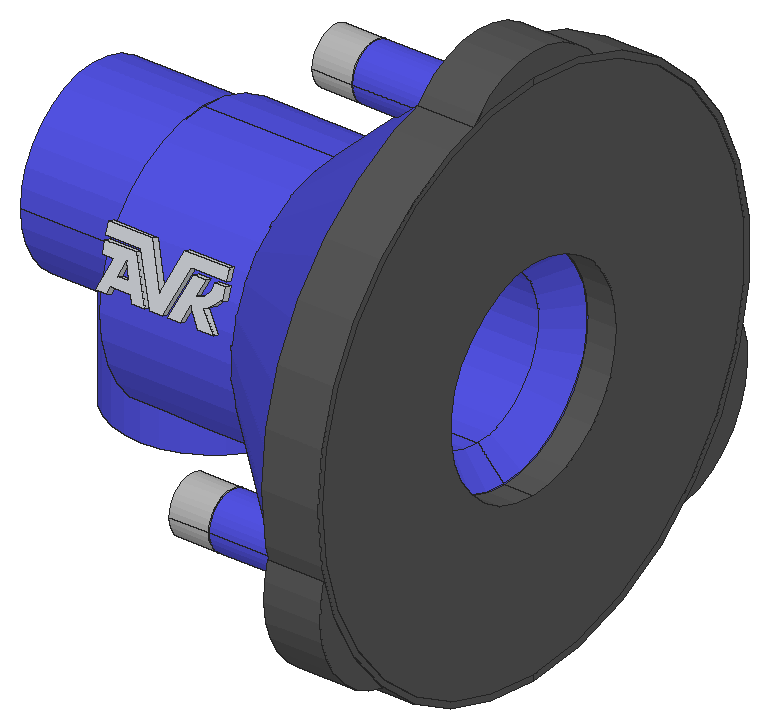
Revit family "634-00-001 DN50-80", category Pipe Accessories, Revit 2022
Family settings
  Round Connector Dimension = Use Diameter
  Part Type = Valve - Breaks Into
  Work Plane-Based = No
  Always vertical = Yes
  Cut with Voids When Loaded = No
  Shared = No
Parameters (values of type "DN50_PN16_AVK ref. no. 634-071-01-026")
  URL product pages = "https://www.avkvalves.com/P.aspx?no=63407100016"
  Thickness = 0 mm
  Search_table = "634-00-001 DN50_80"
  S2 = size_lookup(Search_table, "S2", 0 mm, DN) / 2  # 35.5 mm
  S1 = size_lookup(Search_table, "S1", 0 mm, DN) / 2  # 24 mm
  Radius = size_lookup(Search_table, "Radius", 0 mm, DN)  # 33 mm
  Nut = D2_L * 0.2  # 13.6 mm
  L1 = L * 0.5  # 37.5 mm
  L-L1 = 40.5 mm  # constant formula
  L = size_lookup(Search_table, "L", 0 mm, DN) / 2  # 75 mm
  FL_T = size_lookup(Search_table, "FL_T", 0 mm, DN)  # 19 mm
  Description_ = "AVK SUPA MAXI™ END CAP, PN16"
  Default Elevation = 0 mm
  DN80_PN16_AVK ref. no. 634-106-00-036 = "634-106-00-036"
  DN80_PN16_AVK ref. no. 634-106-00-016 = "634-106-00-016"
  DN65_PN16_AVK ref. no. 634-091-01-066 = "634-091-01-066"
  DN65_PN16_AVK ref. no. 634-091-01-056 = "634-091-01-056"
  DN65_PN16_AVK ref. no. 634-091-01-016 = "634-091-01-036"
  DN65_PN16_AVK ref. no. 634-091-00-036 = "634-091-00-036"
  DN65_PN16_AVK ref. no. 634-091-00-016 = "634-091-00-016"
  DN50_PN16_AVK ref. no. 634-071-01-066 = "634-071-01-066"
  DN50_PN16_AVK ref. no. 634-071-01-056 = "634-071-01-056"
  DN50_PN16_AVK ref. no. 634-071-01-046 = "634-071-01-046"
  DN50_PN16_AVK ref. no. 634-071-01-036 = "634-071-01-036"
  DN50_PN16_AVK ref. no. 634-071-01-026 = "634-071-01-026"
  DN50_PN16_AVK ref. no. 634-071-01-016 = "634-071-01-016"
  DN50_PN16_AVK ref. no. 634-071-00-016 = "634-071-00-016"
  DN = 50.3 mm
  D2_L = size_lookup(Search_table, "D2_L", 0 mm, DN)  # 68 mm
  D2 = size_lookup(Search_table, "D2", 0 mm, DN) / 2  # 31 mm
  D1_L = size_lookup(Search_table, "D1_L", 0 mm, DN)  # 38 mm
  D12 = Radius * 0.28  # 9.24 mm
  D11 = D * 0.75  # 75 mm
  D1 = size_lookup(Search_table, "D1", 0 mm, DN) / 2  # 44 mm
  D-10 = D - 10 mm  # 90 mm
  D = size_lookup(Search_table, "D", 0 mm, DN) / 2  # 100 mm
  Bore = DN / 2  # 25.15 mm
  Bolt_L = D2_L - Nut  # 54.4 mm
  2 = 2 mm  # constant formula
  10 = 10 mm  # constant formula
Types (15, lengths in mm): name | S2 | S1 | Radius | Nut | L1 | L | DN | D2_L | D2 | D1_L | D12 | D11 | D1 | D-10 | D | Bore | Bolt_L
  (no name) | 35.5 | 24 | 33 | 13.6 | 37.5 | 75 | 50.3 | 68 | 31 | 38 | 9.24 | 75 | 44 | 90 | 100 | 25.15 | 54.4
  DN50_PN16_AVK ref. no. 634-071-00-016 | 35.5 | 24 | 33 | 13.6 | 48.75 | 97.5 | 50.1 | 68 | 31 | 38 | 9.24 | 75 | 44 | 90 | 100 | 25.05 | 54.4
  DN50_PN16_AVK ref. no. 634-071-01-016 | 35.5 | 24 | 33 | 13.6 | 37.5 | 75 | 50.2 | 68 | 31 | 38 | 9.24 | 75 | 44 | 90 | 100 | 25.1 | 54.4
  DN50_PN16_AVK ref. no. 634-071-01-026 | 35.5 | 24 | 33 | 13.6 | 37.5 | 75 | 50.3 | 68 | 31 | 38 | 9.24 | 75 | 44 | 90 | 100 | 25.15 | 54.4
  DN50_PN16_AVK ref. no. 634-071-01-036 | 35.5 | 24 | 33 | 13.6 | 37.5 | 75 | 50.4 | 68 | 31 | 38 | 9.24 | 75 | 44 | 90 | 100 | 25.2 | 54.4
  DN50_PN16_AVK ref. no. 634-071-01-046 | 35.5 | 24 | 33 | 13.6 | 37.5 | 75 | 50.5 | 68 | 31 | 38 | 9.24 | 75 | 44 | 90 | 100 | 25.25 | 54.4
  DN50_PN16_AVK ref. no. 634-071-01-056 | 35.5 | 24 | 33 | 13.6 | 37.5 | 75 | 50.6 | 68 | 31 | 38 | 9.24 | 75 | 44 | 90 | 100 | 25.3 | 54.4
  DN50_PN16_AVK ref. no. 634-071-01-066 | 35.5 | 24 | 33 | 13.6 | 37.5 | 75 | 50.7 | 68 | 31 | 38 | 9.24 | 75 | 44 | 90 | 100 | 25.35 | 54.4
  DN65_PN16_AVK ref. no. 634-091-00-016 | 45.5 | 34.5 | 33 | 13.6 | 54.5 | 109 | 65.1 | 68 | 31 | 38 | 9.24 | 84.75 | 44 | 103 | 113 | 32.55 | 54.4
  DN65_PN16_AVK ref. no. 634-091-00-036 | 45.5 | 34.5 | 32.5 | 17.2 | 54.5 | 109 | 65.2 | 86 | 40.5 | 48 | 9.1 | 84.75 | 52 | 103 | 113 | 32.6 | 68.8
  DN65_PN16_AVK ref. no. 634-091-01-016 | 45.5 | 34.5 | 32.5 | 17.2 | 38.75 | 77.5 | 65.3 | 86 | 40.5 | 48 | 9.1 | 84.75 | 52 | 103 | 113 | 32.65 | 68.8
  DN65_PN16_AVK ref. no. 634-091-01-056 | 45.5 | 34.5 | 32.5 | 17.2 | 38.75 | 77.5 | 65.4 | 86 | 40.5 | 48 | 9.1 | 84.75 | 52 | 103 | 113 | 32.7 | 68.8
  DN65_PN16_AVK ref. no. 634-091-01-066 | 45.5 | 34.5 | 32.5 | 17.2 | 38.75 | 77.5 | 65.5 | 86 | 40.5 | 48 | 9.1 | 84.75 | 52 | 103 | 113 | 32.75 | 68.8
  DN80_PN16_AVK ref. no. 634-106-00-016 | 53 | 41 | 35 | 17.2 | 55 | 110 | 80.1 | 86 | 40.5 | 49 | 9.8 | 88.125 | 62.5 | 107.5 | 117.5 | 40.05 | 68.8
  DN80_PN16_AVK ref. no. 634-106-00-036 | 53 | 41 | 35 | 17.2 | 55 | 110 | 80.2 | 86 | 40.5 | 49 | 9.8 | 88.125 | 62.5 | 107.5 | 117.5 | 40.1 | 68.8
Reference planes
  plane 1 "Center (Front/Back)": y = 0
  plane 2: z = 0
  plane 3 "Center (Left/Right)": x = 0
  plane 4: x = -75
  plane 5: z = 100
  plane 6: z = -100
  plane 7: z = 25.15
  plane 8: z = -25.15
  plane 9: x = 75
  plane 10: y = 100
  plane 11: y = -100
  plane 12: x = 65
  plane 13: z = 90
  plane 14: x = -37.5
  plane 15: z = 44
  plane 16: x = -80
  plane 17: x = -6.5
  plane 18: through (4267.2, 0, 0) normal (0, 0.5, 0.866)
  plane 19: through (4267.2, 0, 0) normal (0, 0.5, -0.866)
  plane 20: through (0, 0, 0) normal (0, -0.5, 0.866)
  plane 21: through (0, 0, 0) normal (0, -0.5, -0.866)
  plane 22: through (0, 0, 0) normal (0, 0.866, -0.5)
  plane 23: through (0, 0, 0) normal (0, 0.866, 0.5)
  plane 24: x = 7
  plane 25: z = 35.5
  plane 26: z = -35.5
Forms (mm)
  Revolve 1, solid, material "Default Roof"
    sketch origin (0, 0, 0) x (1, 0, 0) y (0, 0, 1)
      loop
        line (65, 90) -> (56, 90) -> (7, 44) -> (-37.5, 44) -> (-37.5, 26.1) -> (56, 26.1) -> (65, 35.5) -> (65, 90)
      axis (-37.5, 0) -> (65, 0)
    angle from 0 to 360
  Extrusion 2, solid, material "Default Roof"
    sketch origin (0, 0, 0) x (1, 0, 0) y (0, 1, 0)
      loop
        circle (-34, 0) r 31
    from 0 to -44
  Extrusion 3, solid, material "Default Roof"
    sketch origin (0, 0, 0) x (0, 1, 0) y (0, 0, 1)
      loop
        circle (0, 13) r 31
    from -75 to -37.5
  Extrusion 4, solid, material "Default Roof"
    sketch origin (75, -1524, 1660.765) x (0, 0, 1) y (0, -1, 0)
      loop
        circle (-1660.765, -1524) r 24
    from -81.5 to -79.5
  Extrusion 5, solid, material "Default Wall"
    sketch origin (75, -1524, 1660.765) x (0, 0, 1) y (0, -1, 0)
      loop
        circle (-1660.765, -1524) r 35.5
      loop
        circle (-1660.765, -1524) r 90
    from -19 to 0
  Extrusion 6, solid, material "Default Wall"
    sketch origin (75, -1524, 1660.765) x (0, 0, 1) y (0, -1, 0)
      loop
        arc (-1574.944, -1496.893) -> (-1571.816, -1510.287) -> (-1570.765, -1524) r 90
        arc (-1570.765, -1524) -> (-1571.816, -1537.713) -> (-1574.944, -1551.107) r 90
        arc (-1574.944, -1551.107) -> (-1560.765, -1524) -> (-1574.944, -1496.893) r 33
      loop
        arc (-1683.38, -1613.177) -> (-1706.765, -1603.674) -> (-1726.686, -1588.174) r 92
        arc (-1726.686, -1588.174) -> (-1710.765, -1610.603) -> (-1683.38, -1613.177) r 33
      loop
        arc (-1683.38, -1434.823) -> (-1710.765, -1437.397) -> (-1726.686, -1459.826) r 33
        arc (-1726.686, -1459.826) -> (-1706.765, -1444.326) -> (-1683.38, -1434.823) r 92
    from -19 to 0
  Revolve 7, solid, material "Default Wall"
    sketch origin (0, 0, 0) x (1, 0, 0) y (0, 0, 1)
      loop
        line (56, 92) -> (56, 90) -> (75, 90) -> (75, 92) -> (56, 92)
      axis (56, 0) -> (75, 0)
    angle from 0 to 360
  Extrusion 8, solid, material "Default Roof"
    sketch origin (0, 0, 0) x (0, 1, 0) y (0, 0, 1)
      loop
        circle (0, 75) r 9.24
      loop
        circle (61.013, -35.226) r 9.24
      loop
        circle (-60.989, -35.212) r 9.24
    from 20.6 to 56
  Extrusion 9, solid, material "Poche"
    sketch origin (0, 0, 0) x (0, 1, 0) y (0, 0, 1)
      loop
        circle (0, 75) r 9.24
      loop
        circle (61.013, -35.226) r 9.24
      loop
        circle (-60.989, -35.212) r 9.24
    from 7 to 20.6
Dimensions and locks
  equal spacing: plane 7, level, plane 8
  equal spacing: plane 5, level, plane 6
  equal spacing: plane 9, plane 3 "Center (Left/Right)", plane 4
  equal spacing: plane 10, plane 1 "Center (Front/Back)", plane 11
  "L": plane 3 "Center (Left/Right)" to plane 4
  "D": plane 5 to level
  "Bore": plane 7 to level
  "D": plane 10 to plane 1 "Center (Front/Back)"
  "10": plane 9 to Revolve 1 sketch curve
  "10": plane 5 to Revolve 1 sketch curve
  "10": plane 5 to plane 13
  "10": plane 9 to plane 12
  "L1": plane 3 "Center (Left/Right)" to plane 14
  "FL_T": plane 9 to Revolve 1 sketch curve  (x2)
  "D1": Revolve 1 sketch curve to level
  "D1": level to Extrusion 2
  "D1": plane 15 to level
  "D2": plane 15 to Extrusion 3 sketch curve
  equal spacing: Extrusion 3 sketch curve, plane 1 "Center (Front/Back)", Extrusion 3 sketch curve
  "10": plane 4 to Extrusion 2 sketch curve
  equal spacing: Extrusion 2 sketch curve, plane 1 "Center (Front/Back)", Extrusion 2 sketch curve
  equal spacing: Extrusion 4 sketch curve, plane 1 "Center (Front/Back)", Extrusion 4 sketch curve
  equal spacing: Extrusion 4 sketch curve, level, Extrusion 4 sketch curve
  "D2": Extrusion 4 to plane 14
  "D2": plane 17 to plane 14
  "2": Extrusion 4 to plane 17
  equal spacing: Extrusion 5 sketch curve, plane 1 "Center (Front/Back)", Extrusion 5 sketch curve  (x2)
  equal spacing: Extrusion 5 sketch curve, level, Extrusion 5 sketch curve
  "10": plane 5 to Extrusion 5 sketch curve
  "FL_T": plane 9 to Extrusion 5
  "D": Extrusion 6 sketch curve to level
  "FL_T": plane 9 to Extrusion 6
  "2": Revolve 7 sketch curve to plane 13
  "FL_T": plane 9 to Revolve 7 sketch curve
  equal spacing: Extrusion 6 sketch curve, plane 18, Extrusion 6 sketch curve
  "D": Extrusion 6 sketch curve to plane 22
  equal spacing: Extrusion 6 sketch curve, plane 19, Extrusion 6 sketch curve
  "D": Extrusion 6 sketch curve to plane 23
  equal spacing: Extrusion 6 sketch curve, plane 1 "Center (Front/Back)", Extrusion 6 sketch curve
  equal spacing: Extrusion 8 sketch curve, plane 21, Extrusion 8 sketch curve
  equal spacing: Extrusion 8 sketch curve, plane 20, Extrusion 8 sketch curve
  equal spacing: Extrusion 8 sketch curve, plane 1 "Center (Front/Back)", Extrusion 8 sketch curve
  "D11": Extrusion 8 sketch curve to level
  "FL_T": plane 9 to Extrusion 8
  "D2_L": plane 9 to plane 24
  "D2_L": plane 9 to Revolve 1 sketch curve
  "Nut": Extrusion 8 to plane 24
  "Nut": Extrusion 9 to plane 24
  plane 9 to plane 4 = 150 mm
  plane 5 to level = 100 mm
  "S2": Revolve 1 sketch curve to level
  equal spacing: plane 25, level, plane 26
  "S2": level to plane 26
  plane 25 to plane 26 = 71 mm
  plane 5 to plane 6 = 200 mm
  plane 16 to plane 9 = 155 mm
  "D2": radius of Extrusion 2 sketch curve
  "D2": radius of Extrusion 3 sketch curve
  "S1": radius of Extrusion 4 sketch curve
  "S2": radius of Extrusion 5 sketch curve
  "Radius": radius of Extrusion 6 sketch curve  (x3)
  "D12": radius of Extrusion 8 sketch curve  (x3)
  aligned and locked: level to plane 2
  aligned and locked: Revolve 1 sketch curve to level
  aligned and locked: Revolve 1 to plane 14
  aligned and locked: Extrusion 2 to level
  aligned and locked: Extrusion 3 to plane 4
  aligned and locked: Extrusion 3 to Revolve 1
  aligned and locked: plane 9 to Extrusion 5
  aligned and locked: Extrusion 6 sketch curve to Extrusion 5  (x2)
  aligned and locked: plane 9 to Extrusion 6
  aligned and locked: plane 13 to Revolve 7 sketch curve
  aligned and locked: Revolve 7 sketch curve to plane 9
  aligned and locked: Revolve 7 sketch curve to level
  aligned and locked: Extrusion 6 sketch curve to Revolve 7  (x2)
  aligned and locked: Extrusion 9 sketch curve to Extrusion 8  (x5)
  aligned and locked: Extrusion 9 to plane 24
Automatic sketch dimensions
  Revolve 1 sketch curve to plane 14 = 0 mm
  plane 7 to Revolve 1 sketch curve = 0.95 mm
  plane 24 to Revolve 1 sketch curve = 2.524 mm
  plane 9 to Revolve 1 sketch curve = 55 mm
  Extrusion 5 sketch curve to Extrusion 5 sketch curve = 0 mm
  Revolve 7 sketch curve to plane 16 = 42.058 mm
  plane 9 to Revolve 7 sketch curve = 329.942 mm
  plane 26 to Extrusion 8 sketch curve = 0.288 mm
  plane 26 to Extrusion 8 sketch curve = 0.274 mm
Nested families
  nested 1: "logo small-1 - Copy" at (-17.004, -42.103, 12.78) x (1, 0, 0) z (0, -0.9569, 0.2904), type "logo small-1 - Copy"
Connectors
  piping at (75, 0, 0), diameter 50.3, driven by "DN"
    settings: on Extrusion 5, index 2, connector inside diameter 609.6 mm, connector length 0 mm, flow factor 0, pipe flow 0.0 L/s, pressure drop 0.0 Pa, fitting loss kfactor 0, connector angle 0.00°, fixture units 0, engagement length 0 mm, angle of deflection 0.00°, flow configuration 0, flow direction 0, fitting loss method 0, system type 7, joint type 0, gender type 0, connector reference index -1, connector utility 0, adjustable connector no, is connector primary yes, connector description ""
  piping at (-37.5, 0, 0), diameter 50.3, driven by "DN"
    settings: on Revolve 1, index 3, connector inside diameter 609.6 mm, connector length 0 mm, flow factor 0, pipe flow 0.0 L/s, pressure drop 0.0 Pa, fitting loss kfactor 0, connector angle 0.00°, fixture units 0, engagement length 0 mm, angle of deflection 0.00°, flow configuration 0, flow direction 0, fitting loss method 0, system type 7, joint type 0, gender type 0, connector reference index -1, connector utility 0, adjustable connector no, is connector primary no, connector description ""
Definition of nested family "logo small-1 - Copy"
  Parameters
    Default Elevation = 1219.2 mm
  Reference planes
    plane 1 "Center (Front/Back)": y = 0
    plane 2: z = 0
    plane 3 "Center (Left/Right)": x = 0
  Forms (mm)
    Extrusion 1, solid
      sketch origin (0, 0, 0) x (1, 0, 0) y (0, 1, 0)
        loop
          line (-26.697, 30) -> (-26.697, -20.859) -> (26.519, -20.859) -> (26.519, 30) -> (-26.697, 30)
      from 0 to -304.8
    Extrusion 2, solid
      sketch origin (0, 0, 0) x (1, 0, 0) y (0, 1, 0)
        loop
          line (-20.607, 8.379) -> (-20.607, 4.302) -> (-16.724, 4.302) -> (-20.607, -5.729) -> (-16.724, -5.729) -> (-15.818, -3.389) -> (-9.104, -3.389) -> (-8.117, -5.729) -> (-3.91, -5.729) -> (-9.864, 8.379) -> (-20.607, 8.379)
        loop
          line (-12.518, 5.079) -> (-14.33, 0) -> (-10.641, 0) -> (-12.518, 5.079)
        loop
          line (-8.635, 9.738) -> (-2.292, -5.729) -> (2.173, -5.729) -> (8.451, 9.738) -> (20.488, 9.738) -> (20.488, 13.686) -> (5.312, 13.686) -> (0, 0) -> (-5.463, 13.686) -> (-20.607, 13.686) -> (-20.607, 9.738) -> (-8.635, 9.738)
        loop
          line (20.488, 4.302) -> (20.488, 8.379) -> (16.605, 8.379)
          arc (16.605, 8.379) -> (15.328, 4.717) -> (11.816, 3.072) r 4.995
          line (11.816, 3.072) -> (13.952, 8.379) -> (9.68, 8.379) -> (3.921, -5.729) -> (8.29, -5.729) -> (10.518, -0.27) -> (14.236, -5.729) -> (19.616, -5.729) -> (14.879, 0.432)
          arc (14.879, 0.432) -> (17.563, 1.981) -> (19.616, 4.302) r 9.637
          line (19.616, 4.302) -> (20.488, 4.302)
      from 0 to 2
  Dimensions and locks
    aligned and locked: plane 2 to Extrusion 1
    aligned and locked: level to Extrusion 1
    aligned and locked: Extrusion 2 sketch curve to import instance  (x36)
    aligned and locked: plane 1 "Center (Front/Back)" to Extrusion 2 sketch curve
